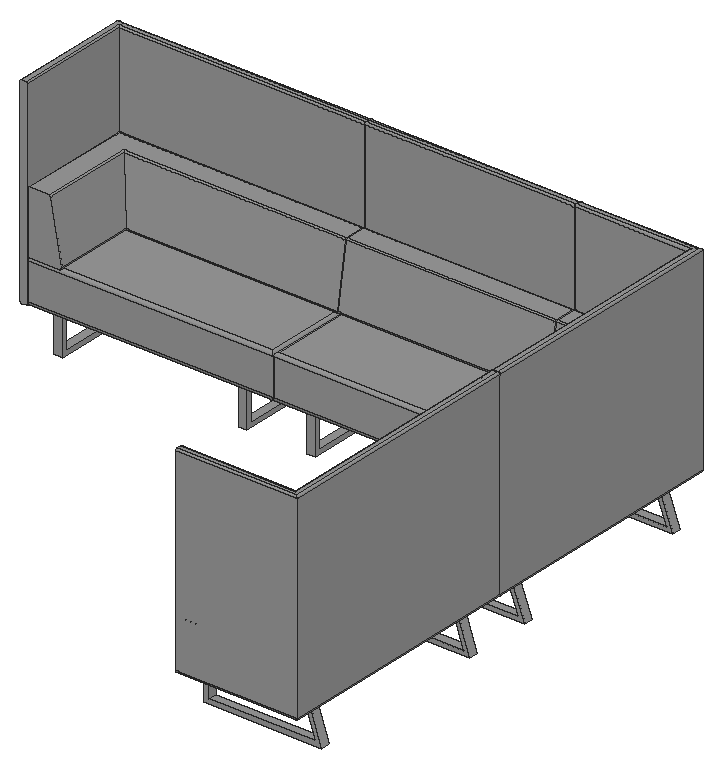
Revit family "TP2HR - TP2LR", category Furniture, Revit 2016
Family settings
  OmniClass Number = 23.40.20.00
  OmniClass Title = General Furniture and Specialties
  Work Plane-Based = No
  Always vertical = Yes
  Cut with Voids When Loaded = No
  Shared = No
  Room Calculation Point = No
Parameters (values of type "TP2HR-K")
  URL = "www.gof.co.uk"
  Seat = GABRIEL Byron_02101
  Range = "SEATING"
  Product Data Specification = "https://gof.co.uk/wp-content/uploads/2016/02/Take-Off-Task-Product-Data-Sheet.compressed.pdf"
  Product Code = "TP2HR-K"
  Product Brochure = "https://gof.co.uk/wp-content/uploads/2016/04/Take_Off_Reception_Brochure_2016.pdf"
  Model = "TAKE OFF PLUS"
  Manufacturer = "Gresham Office Furniture"  # constant formula
  Low Surround = GABRIEL Byron_02101
  Low Surround (Vis) = no
  High Surround (Vis) = yes
  High Surround = GABRIEL Byron_02101
  Circular Leg Frame = no
  Back = GABRIEL Byron_03101
  Angled Base Frame = yes
Types (5, lengths in mm): name | Product Code | Low Surround (Vis) | High Surround (Vis) | Circular Leg Frame | Angled Base Frame
  (no name) | "TP2HR-K" | no | yes | no | yes
  TP2LR-K | "TP2LR-K" | yes | no | no | yes
  TP2HR-K | "TP2HR-K" | no | yes | no | yes
  TP2HR-4 | "TP2HR-4" | no | yes | yes | no
  TP2LR-4 | "TP2LR-4" | yes | no | yes | no
Reference planes
  plane 1 "Center (Front/Back)": y = 0
  plane 2: z = 0
  plane 3 "Center (Left/Right)": x = 0
  plane 4: y = 347.5
  plane 5: x = 1895
  plane 6: x = -1446
  plane 7 "Right Inner": x = 1850
  plane 8 "Left Inner": x = -1401
  plane 9: y = 302.5
  plane 10: y = -347.5
  plane 11: z = 1360
Dimensions and locks
  locked: plane 7 "Right Inner" to plane 5 at 45
  locked: plane 6 to plane 8 "Left Inner" at 45
  locked: plane 9 to plane 4 at 45
  locked: plane 10 to plane 4 at 695
  equal spacing: plane 10, plane 1 "Center (Front/Back)", plane 4
  plane 6 to plane 3 "Center (Left/Right)" to plane 5 = 1446 mm, 1895 mm
  plane 11 to level = 1360 mm
  plane 6 to plane 5 = 3341 mm
  plane 3 "Center (Left/Right)" to nested 3 = 1200 mm
  aligned and locked: level to plane 2
Nested families
  nested 1: "TP4H - TP4L Component" at (-723, 0, 0), type "TP4H-K"
  nested 2: "TP1H - TP1L Component" at (600, 0, 0) x (-1, 0, 0) z (0, 0, 1), type "TP1H-K"
  nested 3: "TP4H - TP4L Component" at (1547.5, -375.5, 0) x (0, -1, 0) z (0, 0, 1), type "TP4H-K"
  nested 4: "TP4H - TP4L Component" at (1547.5, -1821.5, 0) x (0, 1, 0) z (0, 0, 1), type "TP4H-K"
Definition of nested family "TP4H - TP4L Component"
  Parameters (values of type "TP4H-K")
    URL = "www.gof.co.uk"
    Seat = none
    Range = "SEATING"
    Product Data Specification = "https://gof.co.uk/wp-content/uploads/2016/02/Take-Off-Task-Product-Data-Sheet.compressed.pdf"
    Product Code = "TP4H-K"
    Product Brochure = "https://gof.co.uk/wp-content/uploads/2016/04/Take_Off_Reception_Brochure_2016.pdf"
    Model = "TAKE OFF PLUS"
    Manufacturer = "Gresham Office Furniture"  # constant formula
    Low Surround = none
    Low Surround (Vis) = no
    High Surround (Vis) = yes
    High Surround = none
    Circular Leg Frame = no
    Back = none
    Angled Base Frame = yes
  Types (5, lengths in mm): name | Product Code | Low Surround (Vis) | High Surround (Vis) | Circular Leg Frame | Angled Base Frame
    (no name) | "TP4H-K" | no | yes | no | yes
    TP4L-K | "TP4L-K" | yes | no | no | yes
    TP4H-K | "TP4H-K" | no | yes | no | yes
    TP4H-4 | "TP4H-4" | no | yes | yes | no
    TP4L-4 | "TP4L-4" | yes | no | yes | no
  Reference planes
    plane 1 "Center (Front/Back)": y = 0
    plane 2: z = 0
    plane 3 "Center (Left/Right)": x = 0
    plane 4: y = 347.5
    plane 5: x = 723
    plane 6: x = -723
    plane 7 "Right Inner": x = 678
    plane 8 "Left Inner": x = -678
    plane 9: y = 302.5
    plane 10: y = -347.5
  Forms (mm)
    Extrusion 1, solid, material <- "Seat"
      sketch origin (0, 0, 215) x (0, 1, 0) y (-1, 0, 0)
        loop
          line (302.5, 678) -> (-347.5, 678) -> (-347.5, -723) -> (302.5, -723) -> (302.5, 678)
      from 0 to 250
    Sweep 2, solid, material <- "Back"
      path in 3D
        loop
          line (-678, -347.5, 465) -> (-678, 302.5, 465) -> (723, 302.5, 465)
      profile origin (22.5, 302.5, 465) x (0, 1, 0) y (0, 0, 1)
        loop
          line (-132.43, 351.697) -> (-190.985, 11.697)
          arc (-190.985, 11.697) -> (-188.778, 3.557) -> (-181.131, 0) r 10
          line (-181.131, 0) -> (-10, 0)
          arc (-10, 0) -> (-2.929, 2.929) -> (0, 10) r 10
          line (0, 10) -> (0, 350)
          arc (0, 350) -> (-2.929, 357.071) -> (-10, 360) r 10
          line (-10, 360) -> (-122.575, 360)
          arc (-122.575, 360) -> (-129.018, 357.648) -> (-132.43, 351.697) r 10
    Sweep 3, solid, material <- "Low Surround", visible <- "Low Surround (Vis)"
      path in 3D
        loop
          line (-678, -347.5, 465) -> (-678, 302.5, 465) -> (723, 302.5, 465)
      profile origin (22.5, 302.5, 465) x (0, 1, 0) y (0, 0, 1)
        loop
          arc (10, 360) -> (2.929, 357.071) -> (0, 350) r 10
          line (0, 350) -> (0, -240)
          arc (0, -240) -> (2.929, -247.071) -> (10, -250) r 10
          line (10, -250) -> (35, -250)
          arc (35, -250) -> (42.071, -247.071) -> (45, -240) r 10
          line (45, -240) -> (45, 350)
          arc (45, 350) -> (42.071, 357.071) -> (35, 360) r 10
          line (35, 360) -> (10, 360)
    Sweep 4, solid, material <- "High Surround", visible <- "High Surround (Vis)"
      path in 3D
        loop
          line (-678, -347.5, 1000) -> (-678, 302.5, 1000) -> (723, 302.5, 1000)
      profile origin (22.5, 302.5, 1000) x (0, 1, 0) y (0, 0, 1)
        loop
          arc (10, 360) -> (2.929, 357.071) -> (0, 350) r 10
          line (0, 350) -> (0, -775)
          arc (0, -775) -> (2.929, -782.071) -> (10, -785) r 10
          line (10, -785) -> (35, -785)
          arc (35, -785) -> (42.071, -782.071) -> (45, -775) r 10
          line (45, -775) -> (45, 350)
          arc (45, 350) -> (42.071, 357.071) -> (35, 360) r 10
          line (35, 360) -> (10, 360)
    Sweep 5, void
      path in 3D
        loop
          line (723, -347.5, 465) -> (723, 302.5, 465) -> (-678, 302.5, 465) -> (-678, -347.5, 465) -> (723, -347.5, 465)
      profile origin (22.5, -347.5, 465) x (0, 1, 0) y (0, 0, 1)
        loop
          line (0, 0) -> (0, -20)
          arc (0, -20) -> (5.858, -5.858) -> (20, 0) r 20
          line (20, 0) -> (0, 0)
    Sweep 6, void
      path in 3D
        loop
          line (723, -347.5, 215) -> (723, 302.5, 215) -> (-678, 302.5, 215) -> (-678, -347.5, 215) -> (723, -347.5, 215)
      profile origin (22.5, -347.5, 215) x (0, -1, 0) y (0, 0, -1)
        loop
          line (0, 0) -> (-20, 0)
          arc (-20, 0) -> (-5.858, -5.858) -> (0, -20) r 20
          line (0, -20) -> (0, 0)
  Cuts and joins
    Sweep 5, Sweep 6 cuts Sweep 4
    Sweep 5, Sweep 6 cuts Extrusion 1
    Sweep 5, Sweep 6 cuts Sweep 2
  Lines and regions (mm)
    sketch lines
      curve 1: line (-678, 302.5, 465) -> (723, 302.5, 465)
      curve 2: line (-678, -347.5, 465) -> (-678, 302.5, 465)
      curve 3: line (-678, 302.5, 465) -> (723, 302.5, 465)
      curve 4: line (-678, -347.5, 465) -> (-678, 302.5, 465)
      curve 5: line (-678, 302.5, 1000) -> (723, 302.5, 1000)
      curve 6: line (-678, -347.5, 1000) -> (-678, 302.5, 1000)
      curve 7: line (-678, -347.5, 465) -> (723, -347.5, 465)
      curve 8: line (723, -347.5, 465) -> (723, 302.5, 465)
      curve 9: line (-678, 302.5, 465) -> (-678, -347.5, 465)
      curve 10: line (723, 302.5, 465) -> (-678, 302.5, 465)
      curve 11: line (-678, -347.5, 215) -> (723, -347.5, 215)
      curve 12: line (723, -347.5, 215) -> (723, 302.5, 215)
      curve 13: line (-678, 302.5, 215) -> (-678, -347.5, 215)
      curve 14: line (723, 302.5, 215) -> (-678, 302.5, 215)
  Dimensions and locks
    plane 6 to plane 5 = 1446 mm
    locked: plane 7 "Right Inner" to plane 5 at 45
    locked: plane 6 to plane 8 "Left Inner" at 45
    locked: plane 9 to plane 4 at 45
    locked: plane 10 to plane 4 at 695
    equal spacing: plane 10, plane 1 "Center (Front/Back)", plane 4
    locked: nested 1 to plane 5 at 170
    locked: nested 1 to plane 10 at 26
    locked: plane 6 to nested 2 at 170
    locked: nested 2 to plane 10 at 26
    locked: nested 3 to plane 5 at 62.5
    locked: nested 3 to plane 10 at 20
    locked: plane 6 to nested 4 at 62.5
    locked: nested 4 to plane 10 at 20
    plane 6 to plane 3 "Center (Left/Right)" to plane 5 = 723 mm, 723 mm
    aligned and locked: level to plane 2
  Automatic sketch dimensions
    Extrusion 1 sketch curve to plane 8 "Left Inner" = 0 mm
    Extrusion 1 sketch curve to plane 10 = 0 mm
    Extrusion 1 sketch curve to plane 9 = 0 mm
    plane 7 "Right Inner" to Extrusion 1 sketch curve = 45 mm
    Sweep 2 sketch curve to profile plane = 0 mm  (x2)
    profile plane to Sweep 2 sketch curve = 10 mm  (x2)
    Sweep 2 sketch curve to Sweep 2 sketch curve = 10 mm  (x2)
    Sweep 2 sketch curve to Sweep 2 sketch curve = 112.575 mm
    Sweep 2 sketch curve to Sweep 2 sketch curve = 9.855 mm
    Sweep 2 sketch curve to Sweep 2 sketch curve = 171.131 mm
    profile plane to Sweep 2 sketch curve = 11.697 mm
    Sweep 2 sketch curve to Sweep 2 sketch curve = 340 mm
    profile plane to Sweep 3 sketch curve = 0 mm
    Sweep 3 sketch curve to profile plane = 10 mm  (x2)
    Sweep 3 sketch curve to Sweep 3 sketch curve = 25 mm  (x2)
    Sweep 3 sketch curve to Sweep 3 sketch curve = 10 mm
    Sweep 3 sketch curve to profile plane = 250 mm
    profile plane to Sweep 3 sketch curve = 350 mm
    profile plane to Sweep 4 sketch curve = 0 mm
    Sweep 4 sketch curve to profile plane = 10 mm  (x2)
    Sweep 4 sketch curve to Sweep 4 sketch curve = 25 mm  (x2)
    Sweep 4 sketch curve to Sweep 4 sketch curve = 10 mm
    Sweep 4 sketch curve to profile plane = 785 mm
    profile plane to Sweep 4 sketch curve = 350 mm
    Sweep 5 sketch curve to profile plane = 0 mm  (x2)
    Sweep 5 sketch curve to Sweep 5 sketch curve = 20 mm
    profile plane to Sweep 6 sketch curve = 0 mm
    Sweep 6 sketch curve to profile plane = 0 mm
    Sweep 6 sketch curve to Sweep 6 sketch curve = 20 mm
  Nested families
    nested 1: "Angled Base Frame" at (-122, -83, 0), visible <- "Angled Base Frame", type "Angled Base Frame"
    nested 2: "Angled Base Frame" at (122, -83, 0) x (-1, 0, 0) z (0, 0, 1), visible <- "Angled Base Frame", type "Angled Base Frame"
    nested 3: "Circular Leg Frame" at (-122, -83, 0), visible <- "Circular Leg Frame", type "Circular Leg Frame"
    nested 4: "Circular Leg Frame" at (122, -83, 0) x (-1, 0, 0) z (0, 0, 1), visible <- "Circular Leg Frame", type "Circular Leg Frame"
  Definition of nested family "Angled Base Frame"
    Parameters (values of type "Angled Base Frame")
      Width = 1690 mm
      URL = "www.gof.co.uk"
      Range = "TAKE OFF PLUS"
      Product Code = ""
      Manufacturer = "Gresham Office Funiture"  # constant formula
      Frame = none
    Reference planes
      plane 1 "Center (Front/Back)": y = 83
      plane 2: z = 0
      plane 3 "Center (Left/Right)": x = 0
      plane 4: x = -845
      plane 5: x = 845
      plane 6: y = 430.5
      plane 7: y = -264.5
    Forms (mm)
      Extrusion 1, solid, material <- "Frame"
        sketch origin (675, 334.886, 702) x (0, -1, 0) y (0, 0, 1)
          loop
            line (-101.614, -702) -> (573.386, -702) -> (573.386, -487) -> (-23.614, -487) -> (-101.614, -702)
          loop
            line (548.386, -677) -> (548.386, -512) -> (-6.089, -512) -> (-65.95, -677) -> (548.386, -677)
        from 0 to 50
    Dimensions and locks
      "Width": plane 4 to plane 5
      locked: plane 6 to plane 7 at 695
      equal spacing: plane 4, plane 3 "Center (Left/Right)", plane 5
      Extrusion 1 sketch curve to Extrusion 1 sketch curve = 25 mm  (x2)
      Extrusion 1 sketch curve to Extrusion 1 sketch curve = 675 mm
      Extrusion 1 sketch curve to Extrusion 1 sketch curve = 597 mm
      locked: Extrusion 1 to plane 5 at 170
      locked: Extrusion 1 to plane 7 at 26
      equal spacing: plane 6, plane 1 "Center (Front/Back)", plane 7
      aligned and locked: level to plane 2
    Automatic sketch dimensions
      Extrusion 1 sketch curve to level = 0 mm
      plane 6 to Extrusion 1 sketch curve = 6 mm
      Extrusion 1 sketch curve to plane 6 = 29.664 mm
      Extrusion 1 sketch curve to Extrusion 1 sketch curve = 17.525 mm
      level to Extrusion 1 sketch curve = 25 mm
      Extrusion 1 sketch curve to Extrusion 1 sketch curve = 165 mm
  Definition of nested family "Circular Leg Frame"
    Parameters (values of type "Circular Leg Frame")
      Width = 1690 mm
      URL = "www.gof.co.uk"
      Range = "TAKE OFF PLUS"
      Product Code = ""
      Manufacturer = "Gresham Office Funiture"  # constant formula
      Frame = none
      Foot = none
    Reference planes
      plane 1 "Center (Front/Back)": y = 83
      plane 2: z = 0
      plane 3 "Center (Left/Right)": x = 0
      plane 4: x = -845
      plane 5: x = 845
      plane 6: y = 430.5
      plane 7: y = -264.5
    Forms (mm)
      Extrusion 1, solid, material <- "Frame"
        sketch origin (770, 353.886, 702) x (0, -1, 0) y (0, 0, 1)
          loop
            line (553.386, -487) -> (-26.614, -487) -> (-26.614, -537) -> (553.386, -537) -> (553.386, -487)
        from 0 to 25
      Extrusion 2, solid, material <- "Frame"
        sketch origin (0, -25, 5) x (-1, 0, 0) y (0, -1, 0)
          loop
            circle (-757.5, 194.5) r 25
        from 0 to 210
      Extrusion 3, solid, material <- "Frame"
        sketch origin (0, 239, 5) x (-1, 0, 0) y (0, -1, 0)
          loop
            circle (-757.5, -161.5) r 25
        from 0 to 210
      Extrusion 4, solid, material <- "Foot"
        sketch origin (0, 0, 0) x (1, 0, 0) y (0, 1, 0)
          loop
            circle (757.5, -219.5) r 15
        from 0 to 5
      Extrusion 5, solid, material <- "Foot"
        sketch origin (0, 199, 0) x (1, 0, 0) y (0, 1, 0)
          loop
            circle (757.5, 201.5) r 15
        from 0 to 5
    Cuts and joins
      joined: Extrusion 1, Extrusion 2, Extrusion 3
    Dimensions and locks
      "Width": plane 4 to plane 5
      locked: plane 6 to plane 7 at 695
      equal spacing: plane 4, plane 3 "Center (Left/Right)", plane 5
      Extrusion 1 sketch curve to Extrusion 1 sketch curve = 50 mm
      locked: Extrusion 1 to plane 5 at 75
      locked: Extrusion 2 to plane 7 at 20
      Extrusion 2 to plane 7 = 70 mm
      locked: plane 6 to Extrusion 3 at 5
      plane 6 to Extrusion 5 = 15 mm
      Extrusion 4 to plane 7 = 45 mm
      plane 6 to Extrusion 5 = 30 mm
      equal spacing: plane 6, plane 1 "Center (Front/Back)", plane 7
      aligned and locked: level to plane 2
      aligned and locked: Extrusion 2 to Extrusion 1
    Automatic sketch dimensions
      Extrusion 1 sketch curve to plane 6 = 50 mm
      plane 7 to Extrusion 1 sketch curve = 65 mm
      level to Extrusion 1 sketch curve = 165 mm
      plane 5 to Extrusion 2 sketch curve = 87.5 mm
      plane 7 to Extrusion 2 sketch curve = 45 mm
      plane 6 to Extrusion 3 sketch curve = 30 mm
      Extrusion 3 sketch curve to plane 5 = 87.5 mm
      plane 5 to Extrusion 4 sketch curve = 87.5 mm
      plane 7 to Extrusion 4 sketch curve = 45 mm
      plane 6 to Extrusion 5 sketch curve = 30 mm
      Extrusion 5 sketch curve to plane 5 = 87.5 mm
      radius of Extrusion 2 sketch curve = 25 mm
      radius of Extrusion 3 sketch curve = 25 mm
      radius of Extrusion 4 sketch curve = 15 mm
      radius of Extrusion 5 sketch curve = 15 mm
Definition of nested family "TP1H - TP1L Component"
  Parameters (values of type "TP1H-K")
    URL = "www.gof.co.uk"
    Seat = none
    Range = "SEATING"
    Product Data Specification = "https://gof.co.uk/wp-content/uploads/2016/02/Take-Off-Task-Product-Data-Sheet.compressed.pdf"
    Product Code = "TP1H-K"
    Product Brochure = "https://gof.co.uk/wp-content/uploads/2016/04/Take_Off_Reception_Brochure_2016.pdf"
    Model = "TAKE OFF PLUS"
    Manufacturer = "Gresham Office Furniture"  # constant formula
    Low Surround = none
    Low Surround (Vis) = no
    High Surround (Vis) = yes
    High Surround = none
    Circular Leg Frame = no
    Back = none
    Angled Base Frame = yes
  Types (5, lengths in mm): name | Product Code | Low Surround (Vis) | High Surround (Vis) | Circular Leg Frame | Angled Base Frame
    (no name) | "TP1H-K" | no | yes | no | yes
    TP1L-K | "TP1L-K" | yes | no | no | yes
    TP1H-K | "TP1H-K" | no | yes | no | yes
    TP1H-4 | "TP1H-4" | no | yes | yes | no
    TP1L-4 | "TP1L-4" | yes | no | yes | no
  Reference planes
    plane 1 "Center (Front/Back)": y = 0
    plane 2: z = 0
    plane 3 "Center (Left/Right)": x = 0
    plane 4: y = 347.5
    plane 5: x = 600
    plane 6: x = -600
    plane 7 "Right Inner": x = 555
    plane 8 "Left Inner": x = -555
    plane 9: y = 302.5
    plane 10: y = -347.5
  Forms (mm)
    Extrusion 1, solid, material <- "Seat"
      sketch origin (0, 0, 215) x (0, 1, 0) y (-1, 0, 0)
        loop
          line (302.5, 600) -> (-347.5, 600) -> (-347.5, -600) -> (302.5, -600) -> (302.5, 600)
      from 0 to 250
    Sweep 2, solid, material <- "Back"
      path in 3D
        loop
          line (-600, 302.5, 465) -> (600, 302.5, 465)
      profile origin (0, 302.5, 465) x (0, 1, 0) y (0, 0, 1)
        loop
          line (-132.43, 351.697) -> (-190.985, 11.697)
          arc (-190.985, 11.697) -> (-188.778, 3.557) -> (-181.131, 0) r 10
          line (-181.131, 0) -> (-10, 0)
          arc (-10, 0) -> (-2.929, 2.929) -> (0, 10) r 10
          line (0, 10) -> (0, 350)
          arc (0, 350) -> (-2.929, 357.071) -> (-10, 360) r 10
          line (-10, 360) -> (-122.575, 360)
          arc (-122.575, 360) -> (-129.018, 357.648) -> (-132.43, 351.697) r 10
    Sweep 3, solid, material <- "Low Surround", visible <- "Low Surround (Vis)"
      path in 3D
        loop
          line (-600, 302.5, 465) -> (600, 302.5, 465)
      profile origin (0, 302.5, 465) x (0, 1, 0) y (0, 0, 1)
        loop
          arc (10, 360) -> (2.929, 357.071) -> (0, 350) r 10
          line (0, 350) -> (0, -240)
          arc (0, -240) -> (2.929, -247.071) -> (10, -250) r 10
          line (10, -250) -> (35, -250)
          arc (35, -250) -> (42.071, -247.071) -> (45, -240) r 10
          line (45, -240) -> (45, 350)
          arc (45, 350) -> (42.071, 357.071) -> (35, 360) r 10
          line (35, 360) -> (10, 360)
    Sweep 4, solid, material <- "High Surround", visible <- "High Surround (Vis)"
      path in 3D
        loop
          line (-600, 302.5, 1000) -> (600, 302.5, 1000)
      profile origin (0, 302.5, 1000) x (0, 1, 0) y (0, 0, 1)
        loop
          arc (10, 360) -> (2.929, 357.071) -> (0, 350) r 10
          line (0, 350) -> (0, -775)
          arc (0, -775) -> (2.929, -782.071) -> (10, -785) r 10
          line (10, -785) -> (35, -785)
          arc (35, -785) -> (42.071, -782.071) -> (45, -775) r 10
          line (45, -775) -> (45, 350)
          arc (45, 350) -> (42.071, 357.071) -> (35, 360) r 10
          line (35, 360) -> (10, 360)
    Sweep 5, void
      path in 3D
        loop
          line (600, -347.5, 465) -> (600, 302.5, 465) -> (-600, 302.5, 465) -> (-600, -347.5, 465) -> (600, -347.5, 465)
      profile origin (0, -347.5, 465) x (0, 1, 0) y (0, 0, 1)
        loop
          line (0, 0) -> (0, -20)
          arc (0, -20) -> (5.858, -5.858) -> (20, 0) r 20
          line (20, 0) -> (0, 0)
    Sweep 6, void
      path in 3D
        loop
          line (600, -347.5, 215) -> (600, 302.5, 215) -> (-600, 302.5, 215) -> (-600, -347.5, 215) -> (600, -347.5, 215)
      profile origin (0, -347.5, 215) x (0, -1, 0) y (0, 0, -1)
        loop
          line (0, 0) -> (-20, 0)
          arc (-20, 0) -> (-5.858, -5.858) -> (0, -20) r 20
          line (0, -20) -> (0, 0)
  Cuts and joins
    Sweep 5 cuts Sweep 3
    Sweep 5 cuts Sweep 4
    Sweep 5, Sweep 6 cuts Extrusion 1
    Sweep 5, Sweep 6 cuts Sweep 2
  Lines and regions (mm)
    sketch lines
      curve 1: line (-600, 302.5, 465) -> (600, 302.5, 465)
      curve 2: line (-600, 302.5, 465) -> (600, 302.5, 465)
      curve 3: line (-600, 302.5, 1000) -> (600, 302.5, 1000)
      curve 4: line (-600, -347.5, 465) -> (600, -347.5, 465)
      curve 5: line (600, -347.5, 465) -> (600, 302.5, 465)
      curve 6: line (-600, 302.5, 465) -> (-600, -347.5, 465)
      curve 7: line (600, 302.5, 465) -> (-600, 302.5, 465)
      curve 8: line (-600, -347.5, 215) -> (600, -347.5, 215)
      curve 9: line (600, -347.5, 215) -> (600, 302.5, 215)
      curve 10: line (-600, 302.5, 215) -> (-600, -347.5, 215)
      curve 11: line (600, 302.5, 215) -> (-600, 302.5, 215)
  Dimensions and locks
    plane 6 to plane 5 = 1200 mm
    locked: plane 7 "Right Inner" to plane 5 at 45
    locked: plane 6 to plane 8 "Left Inner" at 45
    locked: plane 9 to plane 4 at 45
    locked: plane 10 to plane 4 at 695
    equal spacing: plane 10, plane 1 "Center (Front/Back)", plane 4
    locked: nested 1 to plane 5 at 170
    locked: nested 1 to plane 10 at 26
    locked: plane 6 to nested 2 at 170
    locked: nested 2 to plane 10 at 26
    locked: nested 3 to plane 5 at 62.5
    locked: nested 3 to plane 10 at 20
    locked: plane 6 to nested 4 at 62.5
    locked: nested 4 to plane 10 at 20
    plane 6 to plane 3 "Center (Left/Right)" to plane 5 = 600 mm, 600 mm
    aligned and locked: level to plane 2
  Automatic sketch dimensions
    plane 8 "Left Inner" to Extrusion 1 sketch curve = 45 mm
    Extrusion 1 sketch curve to plane 10 = 0 mm
    Extrusion 1 sketch curve to plane 9 = 0 mm
    plane 7 "Right Inner" to Extrusion 1 sketch curve = 45 mm
    Sweep 2 sketch curve to profile plane = 0 mm  (x2)
    profile plane to Sweep 2 sketch curve = 10 mm  (x2)
    Sweep 2 sketch curve to Sweep 2 sketch curve = 10 mm  (x2)
    Sweep 2 sketch curve to Sweep 2 sketch curve = 112.575 mm
    Sweep 2 sketch curve to Sweep 2 sketch curve = 9.855 mm
    Sweep 2 sketch curve to Sweep 2 sketch curve = 171.131 mm
    profile plane to Sweep 2 sketch curve = 11.697 mm
    Sweep 2 sketch curve to Sweep 2 sketch curve = 340 mm
    profile plane to Sweep 3 sketch curve = 0 mm
    Sweep 3 sketch curve to profile plane = 10 mm  (x2)
    Sweep 3 sketch curve to Sweep 3 sketch curve = 25 mm  (x2)
    Sweep 3 sketch curve to Sweep 3 sketch curve = 10 mm
    Sweep 3 sketch curve to profile plane = 250 mm
    profile plane to Sweep 3 sketch curve = 350 mm
    profile plane to Sweep 4 sketch curve = 0 mm
    Sweep 4 sketch curve to profile plane = 10 mm  (x2)
    Sweep 4 sketch curve to Sweep 4 sketch curve = 25 mm  (x2)
    Sweep 4 sketch curve to Sweep 4 sketch curve = 10 mm
    Sweep 4 sketch curve to profile plane = 785 mm
    profile plane to Sweep 4 sketch curve = 350 mm
    Sweep 5 sketch curve to profile plane = 0 mm  (x2)
    Sweep 5 sketch curve to Sweep 5 sketch curve = 20 mm
    profile plane to Sweep 6 sketch curve = 0 mm
    Sweep 6 sketch curve to profile plane = 0 mm
    Sweep 6 sketch curve to Sweep 6 sketch curve = 20 mm
  Nested families
    nested 1: "Angled Base Frame" at (-245, -83, 0), visible <- "Angled Base Frame", type "Angled Base Frame"
    nested 2: "Angled Base Frame" at (245, -83, 0) x (-1, 0, 0) z (0, 0, 1), visible <- "Angled Base Frame", type "Angled Base Frame"
    nested 3: "Circular Leg Frame" at (-245, -83, 0), visible <- "Circular Leg Frame", type "Circular Leg Frame"
    nested 4: "Circular Leg Frame" at (245, -83, 0) x (-1, 0, 0) z (0, 0, 1), visible <- "Circular Leg Frame", type "Circular Leg Frame"
  Definition of nested family "Angled Base Frame"
    Parameters (values of type "Angled Base Frame")
      Width = 1690 mm
      URL = "www.gof.co.uk"
      Range = "TAKE OFF PLUS"
      Product Code = ""
      Manufacturer = "Gresham Office Funiture"  # constant formula
      Frame = none
    Reference planes
      plane 1 "Center (Front/Back)": y = 83
      plane 2: z = 0
      plane 3 "Center (Left/Right)": x = 0
      plane 4: x = -845
      plane 5: x = 845
      plane 6: y = 430.5
      plane 7: y = -264.5
    Forms (mm)
      Extrusion 1, solid, material <- "Frame"
        sketch origin (675, 334.886, 702) x (0, -1, 0) y (0, 0, 1)
          loop
            line (-101.614, -702) -> (573.386, -702) -> (573.386, -487) -> (-23.614, -487) -> (-101.614, -702)
          loop
            line (548.386, -677) -> (548.386, -512) -> (-6.089, -512) -> (-65.95, -677) -> (548.386, -677)
        from 0 to 50
    Dimensions and locks
      "Width": plane 4 to plane 5
      locked: plane 6 to plane 7 at 695
      equal spacing: plane 4, plane 3 "Center (Left/Right)", plane 5
      Extrusion 1 sketch curve to Extrusion 1 sketch curve = 25 mm  (x2)
      Extrusion 1 sketch curve to Extrusion 1 sketch curve = 675 mm
      Extrusion 1 sketch curve to Extrusion 1 sketch curve = 597 mm
      locked: Extrusion 1 to plane 5 at 170
      locked: Extrusion 1 to plane 7 at 26
      equal spacing: plane 6, plane 1 "Center (Front/Back)", plane 7
      aligned and locked: level to plane 2
    Automatic sketch dimensions
      Extrusion 1 sketch curve to level = 0 mm
      plane 6 to Extrusion 1 sketch curve = 6 mm
      Extrusion 1 sketch curve to plane 6 = 29.664 mm
      Extrusion 1 sketch curve to Extrusion 1 sketch curve = 17.525 mm
      level to Extrusion 1 sketch curve = 25 mm
      Extrusion 1 sketch curve to Extrusion 1 sketch curve = 165 mm
  Definition of nested family "Circular Leg Frame"
    Parameters (values of type "Circular Leg Frame")
      Width = 1690 mm
      URL = "www.gof.co.uk"
      Range = "TAKE OFF PLUS"
      Product Code = ""
      Manufacturer = "Gresham Office Funiture"  # constant formula
      Frame = none
      Foot = none
    Reference planes
      plane 1 "Center (Front/Back)": y = 83
      plane 2: z = 0
      plane 3 "Center (Left/Right)": x = 0
      plane 4: x = -845
      plane 5: x = 845
      plane 6: y = 430.5
      plane 7: y = -264.5
    Forms (mm)
      Extrusion 1, solid, material <- "Frame"
        sketch origin (770, 353.886, 702) x (0, -1, 0) y (0, 0, 1)
          loop
            line (553.386, -487) -> (-26.614, -487) -> (-26.614, -537) -> (553.386, -537) -> (553.386, -487)
        from 0 to 25
      Extrusion 2, solid, material <- "Frame"
        sketch origin (0, -25, 5) x (-1, 0, 0) y (0, -1, 0)
          loop
            circle (-757.5, 194.5) r 25
        from 0 to 210
      Extrusion 3, solid, material <- "Frame"
        sketch origin (0, 239, 5) x (-1, 0, 0) y (0, -1, 0)
          loop
            circle (-757.5, -161.5) r 25
        from 0 to 210
      Extrusion 4, solid, material <- "Foot"
        sketch origin (0, 0, 0) x (1, 0, 0) y (0, 1, 0)
          loop
            circle (757.5, -219.5) r 15
        from 0 to 5
      Extrusion 5, solid, material <- "Foot"
        sketch origin (0, 199, 0) x (1, 0, 0) y (0, 1, 0)
          loop
            circle (757.5, 201.5) r 15
        from 0 to 5
    Cuts and joins
      joined: Extrusion 1, Extrusion 2, Extrusion 3
    Dimensions and locks
      "Width": plane 4 to plane 5
      locked: plane 6 to plane 7 at 695
      equal spacing: plane 4, plane 3 "Center (Left/Right)", plane 5
      Extrusion 1 sketch curve to Extrusion 1 sketch curve = 50 mm
      locked: Extrusion 1 to plane 5 at 75
      locked: Extrusion 2 to plane 7 at 20
      Extrusion 2 to plane 7 = 70 mm
      locked: plane 6 to Extrusion 3 at 5
      plane 6 to Extrusion 5 = 15 mm
      Extrusion 4 to plane 7 = 45 mm
      plane 6 to Extrusion 5 = 30 mm
      equal spacing: plane 6, plane 1 "Center (Front/Back)", plane 7
      aligned and locked: level to plane 2
      aligned and locked: Extrusion 2 to Extrusion 1
    Automatic sketch dimensions
      Extrusion 1 sketch curve to plane 6 = 50 mm
      plane 7 to Extrusion 1 sketch curve = 65 mm
      level to Extrusion 1 sketch curve = 165 mm
      plane 5 to Extrusion 2 sketch curve = 87.5 mm
      plane 7 to Extrusion 2 sketch curve = 45 mm
      plane 6 to Extrusion 3 sketch curve = 30 mm
      Extrusion 3 sketch curve to plane 5 = 87.5 mm
      plane 5 to Extrusion 4 sketch curve = 87.5 mm
      plane 7 to Extrusion 4 sketch curve = 45 mm
      plane 6 to Extrusion 5 sketch curve = 30 mm
      Extrusion 5 sketch curve to plane 5 = 87.5 mm
      radius of Extrusion 2 sketch curve = 25 mm
      radius of Extrusion 3 sketch curve = 25 mm
      radius of Extrusion 4 sketch curve = 15 mm
      radius of Extrusion 5 sketch curve = 15 mm
